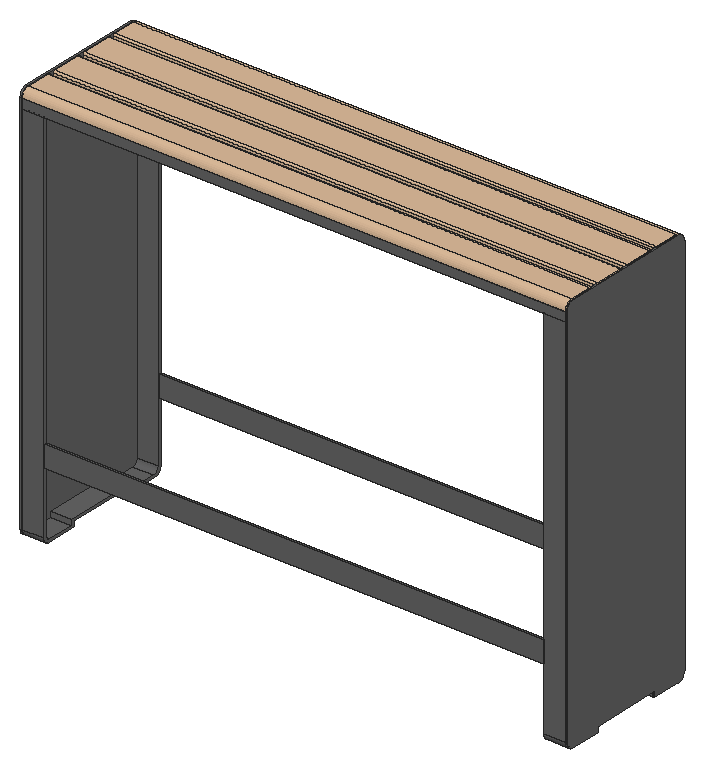
Revit family "1111-S-L", category Meble, Revit 2021
Family settings
  Numer OmniClass = 23.40.20.00
  Tytuł OmniClass = General Furniture and Specialties
  Oparty na płaszczyźnie roboczej = Nie
  Zawsze pionowo = Tak
  Tnij formami wycięć po wczytaniu = Nie
  Współdzielony = Nie
  Punkt obliczania pomieszczeń = Nie
Parameters (values of type "1111-S-L")
  wood = Mobilis Design Wood - Larch
  metal = Mobilis Design RAL 9004
  Width = "40 cm"
  Weight = "60 kg"
  URL = ""
  Product line = "Centaurus"
  Product Groups = ""
  Manufacturer = ""
  Keynote = ""
  Description = ""
  Model = "1111-S-L"
  Material = ""
  Maintenance = ""
  Lenght = "150 cm"
  Type Comments = ""
  Mobilis Design Materials = ""
  Hosted on = ""
  Height = "110 cm"
  Domyślna rzędna = 0 mm
  Copyright = "All designs and drawings are the common intellectual property of Lars Laj A/S and Tress and are protected by Danish and international copyright laws."
Reference planes
  plane 1 "front": y = 0
  plane 2: z = 0
  plane 3 "Środek (Lewa/Prawa)": x = 0
  plane 4 "left": x = -745.625
  plane 5 "right": x = 745.938
  plane 6: x = -685.625
  plane 7: x = 685.937
  plane 8: z = 1057.23
Forms (mm)
  Extrusion 1, solid, material "Mobilis Design Wood - Larch" <- "wood"
    sketch origin (0, -252.885, 670.21) x (0, 1, 0) y (0, 0, 1)
      loop
        arc (263.304, 429.703) -> (259.768, 428.239) -> (258.304, 424.703) r 5
        line (258.304, 424.703) -> (258.304, 386.25)
        arc (258.304, 386.25) -> (258.878, 384.865) -> (260.264, 384.29) r 1.96
        line (260.264, 384.29) -> (346.304, 384.29)
        arc (346.304, 384.29) -> (347.718, 384.876) -> (348.304, 386.29) r 2
        line (348.304, 386.29) -> (348.304, 424.703)
        arc (348.304, 424.703) -> (346.839, 428.239) -> (343.304, 429.703) r 5
        line (343.304, 429.703) -> (263.304, 429.703)
    from -745.625 to 745.937
  Extrusion 2, solid, material "Mobilis Design Wood - Larch" <- "wood"
    sketch origin (0, -355.335, 670.21) x (0, 1, 0) y (0, 0, 1)
      loop
        arc (263.253, 429.703) -> (259.718, 428.239) -> (258.253, 424.703) r 5
        line (258.253, 424.703) -> (258.253, 386.25)
        arc (258.253, 386.25) -> (258.827, 384.865) -> (260.213, 384.29) r 1.96
        line (260.213, 384.29) -> (346.253, 384.29)
        arc (346.253, 384.29) -> (347.668, 384.876) -> (348.253, 386.29) r 2
        line (348.253, 386.29) -> (348.253, 424.703)
        arc (348.253, 424.703) -> (346.789, 428.239) -> (343.253, 429.703) r 5
        line (343.253, 429.703) -> (263.253, 429.703)
    from -745.625 to 745.937
  Extrusion 3, solid, material "Mobilis Design Wood - Larch" <- "wood"
    sketch origin (0, -457.835, 670.21) x (0, 1, 0) y (0, 0, 1)
      loop
        arc (275.801, 429.704) -> (261.087, 423.278) -> (255.798, 408.118) r 20.061
        line (255.798, 408.118) -> (258.916, 408.118) -> (258.916, 384.29) -> (343.754, 384.29)
        arc (343.754, 384.29) -> (345.168, 384.876) -> (345.753, 386.29) r 1.999
        line (345.753, 386.29) -> (345.753, 424.706)
        arc (345.753, 424.706) -> (344.29, 428.24) -> (340.756, 429.704) r 4.998
        line (340.756, 429.704) -> (275.801, 429.704)
    from -745.625 to 745.937
  Extrusion 4, solid, material "Mobilis Design RAL 9004" <- "metal", not visible
    sketch origin (0, 0, 0) x (0, 1, 0) y (0, 0, 1)
      loop
        arc (71.187, 451.5) -> (57.045, 445.642) -> (51.187, 431.5) r 20
        line (51.187, 431.5) -> (51.187, 18.231)
        arc (51.187, 18.231) -> (56.527, 5.34) -> (69.418, 0) r 18.231
        line (69.418, 0) -> (153.638, 0) -> (153.638, 15) -> (448.638, 15) -> (448.638, 0) -> (527.023, 0)
        arc (527.023, 0) -> (542.307, 6.331) -> (548.638, 21.615) r 21.615
        line (548.638, 21.615) -> (548.638, 429.407)
        arc (548.638, 429.407) -> (542.168, 445.029) -> (526.545, 451.5) r 22.093
        line (526.545, 451.5) -> (71.187, 451.5)
    from 750.378 to 745
  Extrusion 5, solid, material "Mobilis Design RAL 9004" <- "metal", not visible
    sketch origin (0, 0, 0) x (0, 1, 0) y (0, 0, 1)
      loop
        line (548.638, 396.844) -> (629.375, 854.725) -> (601.836, 859.581)
        arc (601.836, 859.581) -> (585.224, 855.898) -> (576.082, 841.547) r 22.232
        line (576.082, 841.547) -> (507.306, 451.5) -> (526.545, 451.5)
        arc (526.545, 451.5) -> (542.168, 445.029) -> (548.638, 429.407) r 22.093
        line (548.638, 429.407) -> (548.638, 396.844)
    from 745 to 750.378
  Extrusion 6, solid, material "Mobilis Design RAL 9004" <- "metal"
    sketch origin (0, -252.855, 0) x (0, -1, 0) y (0, 0, 1)
      loop
        line (-71.187, 1099.913) -> (-429.045, 1099.913)
        arc (-429.045, 1099.913) -> (-444.668, 1093.442) -> (-451.138, 1077.82) r 22.093
        line (-451.138, 1077.82) -> (-451.138, 21.615)
        arc (-451.138, 21.615) -> (-444.807, 6.331) -> (-429.523, 0) r 21.615
        line (-429.523, 0) -> (-351.138, 0) -> (-351.138, 15) -> (-153.638, 15) -> (-153.638, 0) -> (-69.418, 0)
        arc (-69.418, 0) -> (-56.527, 5.34) -> (-51.187, 18.231) r 18.231
        line (-51.187, 18.231) -> (-51.187, 1079.913)
        arc (-51.187, 1079.913) -> (-57.045, 1094.055) -> (-71.187, 1099.913) r 20
    from 750.725 to 745.625
  Extrusion 7, solid, material "Mobilis Design RAL 9004" <- "metal"
    sketch origin (0, -252.855, 0) x (0, 1, 0) y (0, 0, 1)
      loop
        line (451.138, 23.296) -> (451.138, 1054.5) -> (51.187, 1054.5) -> (51.187, 18.763)
        arc (51.187, 18.763) -> (56.683, 5.495) -> (69.95, 0) r 18.763
        line (69.95, 0) -> (153.638, 0) -> (153.638, 15) -> (351.138, 15) -> (351.138, 0) -> (427.842, 0)
        arc (427.842, 0) -> (444.315, 6.823) -> (451.138, 23.296) r 23.296
      loop
        line (58.687, 1048.5) -> (58.687, 18.763)
        arc (58.687, 18.763) -> (61.986, 10.799) -> (69.95, 7.5) r 11.263
        line (69.95, 7.5) -> (146.138, 7.5) -> (146.138, 22.5) -> (358.638, 22.5) -> (358.638, 7.5) -> (427.842, 7.5)
        arc (427.842, 7.5) -> (439.012, 12.127) -> (443.638, 23.296) r 15.796
        line (443.638, 23.296) -> (443.638, 1048.5) -> (58.687, 1048.5)
    from -745.625 to -685.625
  Extrusion 8, solid, material "Mobilis Design RAL 9004" <- "metal"
    sketch origin (0, -252.855, 646.028) x (0, 1, 0) y (0, 0, 1)
      loop
        line (53.936, 432.299) -> (51.187, 432.299) -> (51.187, 405.75) -> (75.655, 405.75) -> (75.655, 408.472) -> (53.936, 408.472) -> (53.936, 432.299)
    from -745.625 to 745.937
  Extrusion 9, solid, material "Mobilis Design Wood - Larch" <- "wood"
    sketch origin (0, 453.649, 670.21) x (0, -1, 0) y (0, 0, -1)
      loop
        line (275.801, -429.704) -> (340.733, -429.704)
        arc (340.733, -429.704) -> (344.267, -428.24) -> (345.731, -424.706) r 4.998
        line (345.731, -424.706) -> (345.731, -386.29)
        arc (345.731, -386.29) -> (345.145, -384.876) -> (343.731, -384.29) r 1.999
        line (343.731, -384.29) -> (257.955, -384.29) -> (257.955, -408.988) -> (255.751, -408.988)
        arc (255.751, -408.988) -> (261.386, -423.595) -> (275.801, -429.704) r 20.061
    from -745.625 to 745.938
  Extrusion 10, solid, material "Mobilis Design RAL 9004" <- "metal"
    sketch origin (0, 190.895, 0) x (1, 0, 0) y (0, 1, 0)
      loop
        line (-685.625, 7.437) -> (-685.625, -0.063) -> (685.937, -0.063) -> (685.937, 7.437) -> (-685.625, 7.437)
    from 189.995 to 249.995
  Extrusion 11, solid, material "Mobilis Design RAL 9004" <- "metal"
    sketch origin (0, -252.855, 0) x (0, -1, 0) y (0, 0, -1)
      loop
        arc (-71.187, -1099.913) -> (-57.045, -1094.055) -> (-51.187, -1079.913) r 20
        line (-51.187, -1079.913) -> (-51.187, -18.231)
        arc (-51.187, -18.231) -> (-56.527, -5.34) -> (-69.418, 0) r 18.231
        line (-69.418, 0) -> (-153.638, 0) -> (-153.638, -15) -> (-351.138, -15) -> (-351.138, 0) -> (-429.523, 0)
        arc (-429.523, 0) -> (-444.807, -6.331) -> (-451.138, -21.615) r 21.615
        line (-451.138, -21.615) -> (-451.138, -1077.82)
        arc (-451.138, -1077.82) -> (-444.668, -1093.442) -> (-429.045, -1099.913) r 22.093
        line (-429.045, -1099.913) -> (-71.187, -1099.913)
    from 750.725 to 745.625
  Extrusion 12, solid, material "Mobilis Design RAL 9004" <- "metal"
    sketch origin (0, -252.855, 0) x (0, 1, 0) y (0, 0, -1)
      loop
        arc (451.138, -23.296) -> (444.315, -6.823) -> (427.842, 0) r 23.296
        line (427.842, 0) -> (351.138, 0) -> (351.138, -15) -> (153.638, -15) -> (153.638, 0) -> (69.95, 0)
        arc (69.95, 0) -> (56.683, -5.495) -> (51.187, -18.763) r 18.763
        line (51.187, -18.763) -> (51.187, -1054.5) -> (451.138, -1054.5) -> (451.138, -23.296)
      loop
        line (58.687, -1048.5) -> (443.638, -1048.5) -> (443.638, -23.296)
        arc (443.638, -23.296) -> (439.012, -12.127) -> (427.842, -7.5) r 15.796
        line (427.842, -7.5) -> (358.638, -7.5) -> (358.638, -22.5) -> (146.138, -22.5) -> (146.138, -7.5) -> (69.95, -7.5)
        arc (69.95, -7.5) -> (61.986, -10.799) -> (58.687, -18.763) r 11.263
        line (58.687, -18.763) -> (58.687, -1048.5)
    from -745.625 to -685.625
  Extrusion 13, solid, material "Mobilis Design RAL 9004" <- "metal"
    sketch origin (0, -201.605, 0) x (1, 0, 0) y (0, 1, 0)
      loop
        line (-685.625, 7.437) -> (-685.625, -0.063) -> (685.937, -0.063) -> (685.937, 7.437) -> (-685.625, 7.437)
    from 189.995 to 249.995
  Extrusion 14, solid, material "Mobilis Design RAL 9004" <- "metal"
    sketch origin (0, 249.629, 646.028) x (0, -1, 0) y (0, 0, -1)
      loop
        line (53.936, -433.17) -> (53.936, -408.472) -> (75.655, -408.472) -> (75.655, -405.75) -> (51.187, -405.75) -> (51.187, -433.17) -> (53.936, -433.17)
    from -745.625 to 745.937
  Extrusion 15, solid, material "Mobilis Design RAL 9004" <- "metal"
    sketch origin (-5.106, -295.862, 631.563) x (0, 1, 0) y (0, 0, 1)
      loop
        line (469.837, 422.937) -> (118.662, 422.937) -> (118.662, 420.215) -> (469.837, 420.215) -> (469.837, 422.937)
    from 38.106 to -28.886
Lines and regions (mm)
  model lines, style "9"
    curve 1: line (264.233, -301.094, 0) -> (264.233, -295.094, 0)
    curve 2: line (264.233, -601.094, 0) -> (264.233, -607.094, 0)
    curve 3: line (-304.767, -301.094, 0) -> (-304.767, -295.094, 0)
    curve 4: line (-304.767, -601.094, 0) -> (-304.767, -607.094, 0)
    curve 5: line (-281.767, -301.094, 0) -> (-281.767, -295.094, 0)
    curve 6: line (-281.767, -601.094, 0) -> (-281.767, -607.094, 0)
    curve 9: line (0, -447.105, 21) -> (0, -441.105, 21)
    curve 10: line (0, -647.105, 21) -> (0, -653.105, 21)
  model lines, style "8"
    curve 7: line (0, -372.105, 1054) -> (0, -359.605, 1054)
    curve 8: line (0, -372.105, 1054) -> (0, -359.605, 1054)
Dimensions and locks
  Extrusion 1 sketch curve to Extrusion 1 sketch curve = 90 mm
  Extrusion 1 sketch curve to Extrusion 1 sketch curve = 45.413 mm
  Extrusion 2 sketch curve to Extrusion 2 sketch curve = 90 mm
  Extrusion 2 sketch curve to Extrusion 2 sketch curve = 45.413 mm
  Extrusion 3 sketch curve to Extrusion 3 sketch curve = 45.413 mm
  Extrusion 9 sketch curve to Extrusion 9 sketch curve = 45.413 mm
  aligned and locked: level to plane 2
  aligned and locked: plane 5 "right" to Extrusion 1
  aligned and locked: Extrusion 1 to plane 4 "left"
  aligned and locked: plane 5 "right" to Extrusion 2
  aligned and locked: plane 5 "right" to Extrusion 3
  aligned and locked: Extrusion 2 to plane 4 "left"
  aligned and locked: Extrusion 3 to plane 4 "left"
  aligned and locked: plane 4 "left" to Extrusion 6
  aligned and locked: Extrusion 7 to plane 4 "left"
  aligned and locked: plane 6 to Extrusion 7
  aligned and locked: Extrusion 8 to plane 4 "left"
  aligned and locked: plane 5 "right" to Extrusion 8
  aligned and locked: plane 5 "right" to Extrusion 9
  aligned and locked: Extrusion 10 to plane 7
